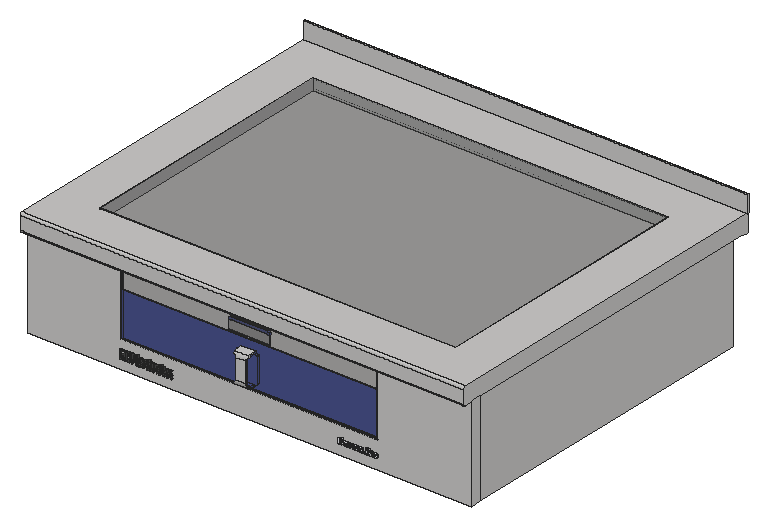
Revit family "QF_ELECTROLUXPROFESSIONAL_588097_MARBABJOBO", category Attrezzature speciali, Revit 2020
Family settings
  Quota connettore circolare = Usa diametro
  Tipo di parte = Normale
  Basato su piano di lavoro = No
  Sempre verticale = Sì
  Taglio con vuoti quando caricato = No
  Condiviso = No
  Punto di calcolo locali = No
Parameters (values of type "Standard")
  Weight = 38.00 kg
  Watts = 600 W
  Volts = 230 V
  URL Manufacturer = "https://www.electroluxprofessional.com/"
  URL = "https://www.electroluxprofessional.com/"
  Steam Supply Size = 0"
  Steam Supply Minimum Pressure = 0.00 psi
  Steam Supply Maximum Pressure = 0.00 psi
  Steam Consumption per Hour = 0
  Refrigeration Suction Line Size = 0 mm
  Refrigeration Liquid Line Size = 0 mm
  Refrigerant Compressor Remote = yes
  Prospetto di default = 0 mm
  Phase = 1
  Modello = "MARBABJOBO"
  Produttore = "Electrolux Professional"
  Length Actual = 1000 mm  # constant formula
  Item Number = "588097"
  Hot Water Size = 0"
  Height Actual = 250 mm  # constant formula
  HP = "0.8 HP"
  Gas Size = 0"
  Gas KW = 0
  Gas Input Pressure = 0.0 Btu/h
  Direct Waste Size = 0"
  Descrizione = "EL.WARMING PLATE,1S,BS,1000X800X250H"
  Depth Actual = 800 mm  # constant formula
  Cycle = 50 Hz
  Condensate Return Size = 0"
  Compressed Air Volume = 0 GPM
  Compressed Air Size = 0"
  Compressed Air Pressure = 0.00 psi
  Cold Water Size = 0"
  Accessory = yes
Reference planes
  plane 1 "BACK": y = 0
  plane 2: z = 0
  plane 3 "LEFT": x = 0
  plane 4 "RIGHT": x = 1000
  plane 5 "FRONT": y = -800
  plane 6 "TOP": z = 900
  plane 7 "Center (Left/Right)": x = 500
  plane 8: y = -400
  plane 9: y = -150
  plane 10: x = 100
  plane 11: x = 900
  plane 12: y = -100
  plane 13: y = -700
  plane 14 "EIx": x = 955
  plane 15 "EIy": y = -585
  plane 16: z = 938
  plane 17 "BaseTop": z = 650
  plane 18: y = -755
Forms (mm)
  Extrusion 1, solid, material "QF_Finishes_Stainless Steel"
    sketch origin (-178.969, -4572, 100) x (-1, 0, 0) y (0, -1, 0)
      loop
        line (-178.969, -4527) -> (-178.969, -3817) -> (-1178.969, -3817) -> (-1178.969, -4527) -> (-178.969, -4527)
    from 550 to 762.969
  Extrusion 2, solid, material "QF_Finishes_Stainless Steel"
    sketch origin (0, 0, 650) x (-1, 0, 0) y (0, -1, 0)
      loop
        circle (-955, 585) r 6.35
    from 0 to -11.851
  Extrusion 3, solid, material "QF_Finishes_Stainless Steel"
    sketch origin (500, 296.4, 1219.2) x (0, 1, 0) y (0, 0, 1)
      loop
        line (-296.4, -319.2) -> (-1091.4, -319.2)
        arc (-1091.4, -319.2) -> (-1094.935, -320.664) -> (-1096.4, -324.2) r 5
        line (-1096.4, -324.2) -> (-1096.4, -355.2)
        arc (-1096.4, -355.2) -> (-1094.971, -358.264) -> (-1091.705, -359.139) r 4
        line (-1091.705, -359.139) -> (-1076.4, -356.231) -> (-316.4, -356.231) -> (-301.094, -359.139)
        arc (-301.094, -359.139) -> (-297.829, -358.264) -> (-296.4, -355.2) r 4
        line (-296.4, -355.2) -> (-296.4, -319.2)
    from -500 to 500
  Extrusion 4, solid, material "QF_Finishes_Electrolux_Black Smoke Iluminated"
    sketch origin (0, 0, 900) x (-1, 0, 0) y (0, -1, 0)
      loop
        line (-100, 100) -> (-100, 700) -> (-900, 700) -> (-900, 100) -> (-100, 100)
    from 1 to -20
  Extrusion 5, void
    sketch origin (0, 0, 900) x (-1, 0, 0) y (0, -1, 0)
      loop
        line (-100, 700) -> (-900, 700) -> (-900, 100) -> (-100, 100) -> (-100, 700)
    from 0 to -25
  Extrusion 6, solid, material "QF_Finishes_Stainless Steel"
    sketch origin (500, 296.4, 1219.2) x (0, 1, 0) y (0, 0, 1)
      loop
        line (-296.4, -319.2) -> (-296.4, -281.2) -> (-298.4, -281.2) -> (-298.4, -319.2) -> (-296.4, -319.2)
    from 500 to -500
Cuts and joins
  Extrusion 5 cuts Extrusion 3
Lines and regions (mm)
  symbolic lines
    curve 1: line (0, 0, 100) -> (1000, 0, 100)
    curve 2: line (0, -800, 100) -> (0, 0, 100)
    curve 3: line (1000, -800, 100) -> (0, -800, 100)
    curve 4: line (1000, 0, 100) -> (1000, -800, 100)
    curve 5: line (100, -700, 0) -> (900, -700, 0)
    curve 6: line (900, -700, 0) -> (900, -100, 0)
    curve 7: line (900, -100, 0) -> (100, -100, 0)
    curve 8: line (100, -100, 0) -> (100, -700, 0)
    curve 9: line (0, -2, 0) -> (1000, -2, 0)
Dimensions and locks
  plane 3 "LEFT" to plane 4 "RIGHT" = 1000 mm
  locked: plane 5 "FRONT" to plane 1 "BACK" at 800
  equal spacing: plane 3 "LEFT", plane 7 "Center (Left/Right)", plane 4 "RIGHT"
  equal spacing: plane 5 "FRONT", plane 8, plane 1 "BACK"
  plane 6 "TOP" to level = 900 mm  (x2)
  plane 1 "BACK" to plane 9 = 150 mm
  plane 1 "BACK" to Extrusion 2 = 585 mm
  locked: plane 14 "EIx" to plane 4 "RIGHT" at 45
  locked: plane 15 "EIy" to plane 1 "BACK" at 585
  plane 16 to plane 6 "TOP" = 38 mm
  locked: plane 12 to plane 1 "BACK" at 100
  locked: plane 5 "FRONT" to plane 13 at 100
  plane 3 "LEFT" to plane 10 = 100 mm
  plane 11 to plane 4 "RIGHT" = 100 mm
  locked: plane 6 "TOP" to plane 17 "BaseTop" at 250
  locked: plane 18 to plane 5 "FRONT" at 45
  aligned and locked: level to plane 2
  aligned and locked: cut or joined group of Extrusion 3, Extrusion 5 to plane 3 "LEFT"
  aligned and locked: cut or joined group of Extrusion 3, Extrusion 5 to plane 4 "RIGHT"
  aligned and locked: Extrusion 5 sketch curve to plane 10
  aligned and locked: plane 12 to Extrusion 5 sketch curve
  aligned and locked: plane 11 to Extrusion 5 sketch curve
  aligned and locked: Extrusion 5 sketch curve to plane 13
  aligned and locked: plane 12 to Extrusion 4 sketch curve
  aligned and locked: Extrusion 4 sketch curve to plane 10
  aligned and locked: Extrusion 4 sketch curve to plane 13
  aligned and locked: plane 11 to Extrusion 4 sketch curve
  aligned and locked: nested 1 to plane 18
  aligned and locked: Extrusion 1 to plane 18
  aligned and locked: Extrusion 6 to plane 3 "LEFT"
  aligned and locked: Extrusion 6 to plane 4 "RIGHT"
Automatic sketch dimensions
  Extrusion 3 sketch curve to plane 5 "FRONT" = 0 mm
  Extrusion 3 sketch curve to plane 6 "TOP" = 0 mm
  Extrusion 3 sketch curve to plane 1 "BACK" = 0 mm
  Extrusion 3 sketch curve to plane 5 "FRONT" = 4 mm
  Extrusion 3 sketch curve to Extrusion 3 sketch curve = 0.695 mm
  Extrusion 3 sketch curve to plane 5 "FRONT" = 5 mm
  Extrusion 3 sketch curve to Extrusion 3 sketch curve = 15.305 mm
  plane 1 "BACK" to Extrusion 3 sketch curve = 20 mm
  plane 1 "BACK" to Extrusion 3 sketch curve = 4.695 mm
  Extrusion 3 sketch curve to Extrusion 3 sketch curve = 4 mm
  Extrusion 3 sketch curve to Extrusion 3 sketch curve = 31 mm
  Extrusion 3 sketch curve to plane 6 "TOP" = 36 mm
  Extrusion 3 sketch curve to Extrusion 3 sketch curve = 2.909 mm
  Extrusion 1 sketch curve to plane 4 "RIGHT" = 0 mm
  Extrusion 1 sketch curve to plane 3 "LEFT" = 0 mm
  plane 1 "BACK" to Extrusion 1 sketch curve = 45 mm
  plane 1 "BACK" to curve 1 = 0 mm
  curve 1 to plane 4 "RIGHT" = 0 mm
  curve 2 to plane 3 "LEFT" = 0 mm
  plane 5 "FRONT" to curve 3 = 0 mm
  curve 5 to plane 10 = 0 mm
  curve 5 to plane 11 = 0 mm
  plane 13 to curve 6 = 0 mm
  plane 12 to curve 6 = 0 mm
  Extrusion 2 sketch curve to plane 14 "EIx" = 0 mm
  Extrusion 2 sketch curve to plane 15 "EIy" = 0 mm
  Extrusion 1 sketch curve to plane 5 "FRONT" = 45 mm
  Extrusion 6 sketch curve to plane 6 "TOP" = 0 mm
  Extrusion 6 sketch curve to plane 16 = 0 mm
  Extrusion 6 sketch curve to plane 1 "BACK" = 0 mm
  Extrusion 6 sketch curve to Extrusion 6 sketch curve = 2 mm
  radius of Extrusion 2 sketch curve = 6.35 mm
Nested families
  nested 1: "Front_Panel_W1000_1 Knob" at (302.376, -755, 0), type "Front_Panel_W1000_1 Knob"
Connectors
  electrical at (955, -585, 638.149)
    settings: on Extrusion 2, index 1, voltage 400 V, apparent load 33000 VA, apparent load phase1 0 VA, apparent load phase2 0 VA, apparent load phase3 0 VA, power factor 1, load classification "Other", number of poles 1, system type 30, power factor state 1, is connector primary yes, connector utility no, sub classification motor no, connector description "ELECTRICAL CONNECTION"
Definition of nested family "Front_Panel_W1000_1 Knob"
  Parameters
    Width = 1000 mm
    Default Elevation = 0 mm
  Reference planes
    plane 1 "Center (Front/Back)": y = 0
    plane 2: z = 0
    plane 3 "Center (Left/Right)": x = 197.624
    plane 4 "Left": x = -302.376
    plane 5 "Right": x = 697.624
    plane 6: y = -45
    plane 7: y = -25
    plane 8: x = 487.624
    plane 9: x = -92.376
  Forms (mm)
    Extrusion 1, solid
      sketch origin (833.217, 829.203, -1.25) x (0, 1, 0) y (0, 0, 1)
        loop
          line (-854.203, 651.25) -> (-829.203, 651.25) -> (-829.203, 864.25) -> (-854.203, 864.25) -> (-854.203, 651.25)
      from -1135.593 to -135.593
    Extrusion 2, void
      sketch origin (0, 0, 0) x (1, 0, 0) y (0, 0, 1)
        loop
          line (-92.376, 853.866) -> (-92.376, 711.866) -> (487.624, 711.866) -> (487.624, 853.866) -> (-92.376, 853.866)
      from 19.387 to 33.951
  Cuts and joins
    Extrusion 2 cuts Extrusion 1
  Dimensions and locks
    equal spacing: plane 5 "Right", plane 3 "Center (Left/Right)", plane 4 "Left"
    "Width": plane 5 "Right" to plane 4 "Left"
    aligned and locked: cut or joined group of Extrusion 1, Extrusion 2 to plane 4 "Left"
    aligned and locked: plane 5 "Right" to cut or joined group of Extrusion 1, Extrusion 2
    aligned and locked: plane 3 "Center (Left/Right)" to nested 1
    aligned and locked: cut or joined group of Extrusion 1, Extrusion 2 to nested 1
    aligned and locked: plane 9 to Extrusion 2 sketch curve
    aligned and locked: Extrusion 2 sketch curve to plane 8
    aligned and locked: plane 9 to cut or joined group of Extrusion 1, Extrusion 2
    aligned and locked: plane 8 to cut or joined group of Extrusion 1, Extrusion 2
    aligned and locked: nested 4 to plane 9
  Automatic sketch dimensions
    Extrusion 1 sketch curve to plane 1 "Center (Front/Back)" = 0 mm
    level to Extrusion 1 sketch curve = 650 mm
    level to Extrusion 2 sketch curve = 711.866 mm
    Extrusion 2 sketch curve to Extrusion 2 sketch curve = 142 mm
    Extrusion 1 sketch curve to plane 6 = 20 mm
    Extrusion 1 sketch curve to Extrusion 1 sketch curve = 213 mm
  Nested families
    nested 1: "Front glass control panel W580_1 Knob" at (197.624, 280.644, 2.752), type "Front glass control panel W580_1 Knob"
    nested 2: "Range Control Handle" at (197.624, -28.137, -209.113) x (-1, 0, 0) z (0, 0, 1), type "Range Control Handle"
    nested 3: "ELX_ThermaLine_Small" at (439.031, -25, 679.426) x (1, 0, 0) z (0, -1, 0), type "ELX_ThermaLine_Small"
      with Show Logo yes, Material_Logo none
    nested 4: "ELX_Professional_Logo_Small" at (-32.89, -25, 681.659) x (1, 0, 0) z (0, -1, 0), type "ELX_Professional_Logo_Small"
      with Show Logo yes, Material_Logo none
  Definition of nested family "Front glass control panel W580_1 Knob"
    Parameters
      Default Elevation = 0 mm
    Reference planes
      plane 1 "Center (Front/Back)": y = 0
      plane 2: z = 0
      plane 3 "Center (Left/Right)": x = 0
    Forms (mm)
      Extrusion 1, solid
        sketch origin (378.286, 0, 0.617) x (1, 0, 0) y (0, 0, 1)
          loop
            line (-668.286, 806.791) -> (-668.286, 708.497) -> (-88.286, 708.497) -> (-88.286, 806.791) -> (-668.286, 806.791)
        from 300.031 to 304.8
      Extrusion 2, solid
        sketch origin (378.286, 0, 0.617) x (1, 0, 0) y (0, 0, 1)
          loop
            line (-668.286, 850.497) -> (-668.286, 806.791) -> (-88.286, 806.791) -> (-88.286, 850.497) -> (-668.286, 850.497)
        from 300.031 to 304.8
      Extrusion 3, void
        sketch origin (378.286, 0, 0.617) x (1, 0, 0) y (0, 0, 1)
          loop
            line (-665.628, 847.565) -> (-665.628, 710.699) -> (-91.196, 710.699) -> (-91.196, 847.565) -> (-665.628, 847.565)
        from 303.697 to 304.8
      Extrusion 4, solid
        sketch origin (308.309, 1.101, -0.633) x (1, 0, 0) y (0, 0, 1)
          loop
            line (-261.431, 812.62) -> (-261.431, 834.177) -> (-266.24, 834.177) -> (-268.039, 835.977) -> (-348.469, 835.977) -> (-350.269, 834.177) -> (-355.186, 834.177) -> (-355.186, 812.62) -> (-261.431, 812.62)
        from 304.798 to 306.745
      Extrusion 5, solid
        sketch origin (308.309, 1.101, -0.633) x (1, 0, 0) y (0, 0, 1)
          loop
            line (-350.269, 834.177) -> (-348.469, 835.977) -> (-268.039, 835.977) -> (-266.24, 834.177) -> (-261.529, 834.177)
            arc (-261.529, 834.177) -> (-262.706, 838.752) -> (-266.98, 840.763) r 5.549
            line (-266.98, 840.763) -> (-349.686, 840.763)
            arc (-349.686, 840.763) -> (-353.942, 838.747) -> (-355.078, 834.177) r 5.5
            line (-355.078, 834.177) -> (-350.269, 834.177)
        from 304.798 to 306.745
    Cuts and joins
      Extrusion 3 cuts Extrusion 1
      Extrusion 3 cuts Extrusion 2
    Dimensions and locks
      equal spacing: cut or joined group of Extrusion 2, Extrusion 3, plane 3 "Center (Left/Right)", cut or joined group of Extrusion 2, Extrusion 3
      cut or joined group of Extrusion 2, Extrusion 3 to cut or joined group of Extrusion 2, Extrusion 3 = 580 mm
      aligned and locked: Extrusion 1 to Extrusion 2
      aligned and locked: Extrusion 5 sketch curve to Extrusion 4  (x4)
      aligned and locked: Extrusion 4 to Extrusion 5 sketch curve
      aligned and locked: Extrusion 5 to Extrusion 4
    Automatic sketch dimensions
      Extrusion 1 sketch curve to plane 3 "Center (Left/Right)" = 290 mm
      plane 3 "Center (Left/Right)" to Extrusion 1 sketch curve = 290 mm
      level to Extrusion 1 sketch curve = 709.114 mm
      Extrusion 1 sketch curve to Extrusion 1 sketch curve = 98.294 mm
      Extrusion 2 sketch curve to plane 3 "Center (Left/Right)" = 290 mm
      plane 3 "Center (Left/Right)" to Extrusion 2 sketch curve = 290 mm
      level to Extrusion 2 sketch curve = 807.408 mm
      Extrusion 2 sketch curve to Extrusion 2 sketch curve = 43.706 mm
      Extrusion 3 sketch curve to plane 3 "Center (Left/Right)" = 287.342 mm
      plane 3 "Center (Left/Right)" to Extrusion 3 sketch curve = 287.091 mm
      level to Extrusion 3 sketch curve = 711.316 mm
      Extrusion 3 sketch curve to Extrusion 3 sketch curve = 136.866 mm
      Extrusion 4 sketch curve to plane 3 "Center (Left/Right)" = 46.877 mm
      Extrusion 4 sketch curve to Extrusion 4 sketch curve = 4.917 mm
      Extrusion 4 sketch curve to Extrusion 4 sketch curve = 1.8 mm  (x3)
      plane 3 "Center (Left/Right)" to Extrusion 4 sketch curve = 40.269 mm
      Extrusion 4 sketch curve to Extrusion 4 sketch curve = 4.809 mm
      level to Extrusion 4 sketch curve = 811.987 mm
      Extrusion 4 sketch curve to Extrusion 4 sketch curve = 21.557 mm  (x2)
      Extrusion 5 sketch curve to Extrusion 5 sketch curve = 4.809 mm
      Extrusion 5 sketch curve to Extrusion 5 sketch curve = 0.583 mm
      plane 3 "Center (Left/Right)" to Extrusion 5 sketch curve = 40.269 mm
      Extrusion 5 sketch curve to Extrusion 5 sketch curve = 1.059 mm
      Extrusion 5 sketch curve to Extrusion 5 sketch curve = 0.741 mm
      Extrusion 5 sketch curve to Extrusion 5 sketch curve = 4.711 mm
      Extrusion 5 sketch curve to Extrusion 5 sketch curve = 1.037 mm
  Definition of nested family "Range Control Handle"
    Parameters
      Default Elevation = 0 mm
    Reference planes
      plane 1 "Center (Front/Back)": y = 0
      plane 2: z = 0
      plane 3 "Center (Left/Right)": x = 0
      plane 4: z = 971.092
      plane 5: y = -16.9
    Forms (mm)
      Extrusion 1, solid
        sketch origin (-746.28, 380.497, 208.931) x (-1, 0, 0) y (0, 0, 1)
          loop
            line (-770.101, 786.798) -> (-770.101, 731.649)
            arc (-770.101, 731.649) -> (-769.759, 730.563) -> (-768.855, 729.87) r 1.893
            line (-768.855, 729.87) -> (-763.474, 727.911) -> (-729.81, 727.911) -> (-724.428, 729.87)
            arc (-724.428, 729.87) -> (-723.525, 730.563) -> (-723.183, 731.649) r 1.893
            line (-723.183, 731.649) -> (-723.183, 786.798)
            arc (-723.183, 786.798) -> (-723.529, 787.894) -> (-724.44, 788.593) r 1.91
            line (-724.44, 788.593) -> (-729.683, 790.819) -> (-763.601, 790.819) -> (-768.844, 788.593)
            arc (-768.844, 788.593) -> (-769.755, 787.894) -> (-770.101, 786.798) r 1.91
        from -382.35 to -378.852
      Sweep 2, solid
        path origin (-746.788, 380.496, 208.091) x (0, -1, 0) y (0, 0, 1)
          loop
            line (379.775, 793.281) -> (395.661, 791.048)
            arc (395.661, 791.048) -> (397.781, 787.377) -> (398.517, 783.202) r 12.207
            line (398.517, 783.202) -> (398.517, 737.368)
            arc (398.517, 737.368) -> (397.781, 733.193) -> (395.661, 729.522) r 12.207
            line (395.661, 729.522) -> (379.775, 727.289)
        profile origin (-746.788, -7.222, 1000.256) x (0, -0.139173, 0.990268) y (-1, 0, 0)
          loop
            line (0.782, -763.123) -> (0.782, -730.907) -> (-1.322, -730.907) -> (-1.322, -763.123) -> (0.782, -763.123)
      Sweep 3, solid
        path origin (-746.788, 380.715, 207.832) x (0, -1, 0) y (0, 0, 1)
          loop
            line (380.478, 795.442) -> (397.218, 793.09)
            arc (397.218, 793.09) -> (399.929, 788.473) -> (400.871, 783.202) r 15.207
            line (400.871, 783.202) -> (400.871, 737.584)
            arc (400.871, 737.584) -> (399.914, 732.274) -> (397.164, 727.633) r 15.207
            line (397.164, 727.633) -> (380.601, 725.305)
        profile origin (-746.788, -8.132, 1002.099) x (0, -0.139173, 0.990268) y (-1, 0, 0)
          loop
            line (0.782, -763.123) -> (0.782, -730.907) -> (-1.322, -730.907) -> (-1.322, -763.123) -> (0.782, -763.123)
      Extrusion 4, void
        sketch origin (889.253, 220.666, 207.993) x (1, 0, 0) y (0, 0, 1)
          loop
            line (-943.038, 816.854) -> (-943.038, 703.686) -> (-899.466, 734.196) -> (-899.466, 786.344) -> (-943.038, 816.854)
        from 230.636 to 242.25
      Extrusion 5, void
        sketch origin (-888.8, 220.666, 207.993) x (-1, 0, 0) y (0, 0, -1)
          loop
            line (-943.038, -816.854) -> (-899.466, -786.344) -> (-899.466, -734.196) -> (-943.038, -703.686) -> (-943.038, -816.854)
        from 230.636 to 242.25
      Extrusion 6, solid
        sketch origin (0, 0, 0) x (1, 0, 0) y (0, 0, 1)
          loop
            circle (0, 971.092) r 7.736
        from -3.137 to -1.645
    Cuts and joins
      Extrusion 4, Extrusion 5 cuts Sweep 3
      Extrusion 4, Extrusion 5 cuts Sweep 2
      joined: Extrusion 1, Extrusion 6
    Lines and regions (mm)
      symbolic lines
        curve 1: line (16.334, -16.9, 0) -> (16.334, -19.227, 0)
        curve 2: spline (16.334, -19.227, 0) -> (15.87, -19.385, 0) -> (15.404, -19.536, 0) -> (14.936, -19.678, 0) -> (14.466, -19.813, 0) -> (13.995, -19.94, 0) -> (13.523, -20.059, 0) -> (13.049, -20.171, 0) -> (12.575, -20.274, 0) -> (12.099, -20.37, 0) -> (11.622, -20.458, 0) -> (11.144, -20.537, 0) -> (10.666, -20.609, 0)
        curve 3: line (10.666, -16.9, 0) -> (10.666, -20.938, 0)
        curve 4: line (-10.213, -20.938, 0) -> (10.666, -20.938, 0)
        curve 5: line (-10.213, -20.938, 0) -> (-10.213, -16.9, 0)
        curve 6: spline (-10.213, -20.609, 0) -> (-10.691, -20.537, 0) -> (-11.169, -20.458, 0) -> (-11.646, -20.37, 0) -> (-12.122, -20.274, 0) -> (-12.597, -20.171, 0) -> (-13.07, -20.059, 0) -> (-13.542, -19.94, 0) -> (-14.013, -19.813, 0) -> (-14.483, -19.678, 0) -> (-14.951, -19.536, 0) -> (-15.417, -19.385, 0) -> (-15.881, -19.227, 0)
        curve 7: line (-15.881, -19.227, 0) -> (-15.881, -16.9, 0)
  Definition of nested family "ELX_ThermaLine_Small"
    Parameters
      Show Logo [instance] = yes
      Material_Logo [instance] = none
      Default Elevation = 0 mm
    Reference planes
      plane 1 "Centro (Fronte/Retro)": y = 0
      plane 2: z = 0
      plane 3 "Centro (Sinistra/Destra)": x = 0
    Forms (mm)
      Extrusion 1, solid
        sketch origin (0, 0, 0) x (1, 0, 0) y (0, 1, 0)
          loop
            line (-1219.2, 1219.2) -> (-1219.2, -1219.2) -> (1219.2, -1219.2) -> (1219.2, 1219.2) -> (-1219.2, 1219.2)
        from 0 to -304.8
      Extrusion 2, solid
        sketch origin (0, 0, 0) x (1, 0, 0) y (0, 1, 0)
          loop
            line (-37.494, 1.229) -> (-35.908, 1.229) -> (-35.908, 3.066) -> (-37.494, 3.066) -> (-37.494, 6.221) -> (-39.867, 4.881) -> (-39.867, 3.066) -> (-40.969, 3.066) -> (-40.969, 1.229) -> (-39.867, 1.229) -> (-39.867, -3.407)
            arc (-39.867, -3.407) -> (-38.982, -5.513) -> (-36.751, -6.001) r 2.478
            line (-36.751, -6.001) -> (-35.638, -5.7) -> (-35.9, -3.835) -> (-36.661, -4.039)
            arc (-36.661, -4.039) -> (-37.236, -3.924) -> (-37.494, -3.399) r 0.662
            line (-37.494, -3.399) -> (-37.494, 1.229)
          loop
            line (-34.242, 6.539) -> (-34.242, -5.848) -> (-31.854, -5.848) -> (-31.854, -0.078)
            arc (-31.854, -0.078) -> (-30.939, 1.249) -> (-29.33, 1.367) r 1.866
            arc (-29.33, 1.367) -> (-28.695, 0.768) -> (-28.461, -0.073) r 1.627
            line (-28.461, -0.073) -> (-28.461, -5.848) -> (-26.086, -5.848) -> (-26.064, -0.46)
            arc (-26.064, -0.46) -> (-26.261, 0.932) -> (-26.786, 2.237) r 5.825
            arc (-26.786, 2.237) -> (-29.381, 3.264) -> (-31.854, 1.971) r 3.353
            line (-31.854, 1.971) -> (-31.854, 6.539) -> (-34.242, 6.539)
          loop
            arc (-18.398, -0.598) -> (-18.893, 0.879) -> (-20.326, 1.487) r 1.897
            arc (-20.326, 1.487) -> (-21.461, 0.708) -> (-21.897, -0.598) r 2.164
            line (-21.897, -0.598) -> (-18.398, -0.598)
          loop
            arc (-16.021, -2.044) -> (-16.754, 1.227) -> (-19.444, 3.226) r 4.814
            arc (-19.444, 3.226) -> (-22.137, 2.788) -> (-23.943, 0.743) r 4.054
            arc (-23.943, 0.743) -> (-24.382, -1.249) -> (-24.162, -3.276) r 6.289
            arc (-24.162, -3.276) -> (-23.302, -4.71) -> (-21.958, -5.705) r 4.28
            arc (-21.958, -5.705) -> (-18.558, -5.814) -> (-16.152, -3.409) r 4.28
            line (-16.152, -3.409) -> (-18.5, -2.995)
            arc (-18.5, -2.995) -> (-19.273, -3.994) -> (-20.533, -4.076) r 1.536
            arc (-20.533, -4.076) -> (-21.56, -3.281) -> (-21.958, -2.044) r 2.197
            line (-21.958, -2.044) -> (-16.021, -2.044)
          loop
            line (-14.165, -5.848) -> (-11.819, -5.848) -> (-11.819, -2.138)
            arc (-11.819, -2.138) -> (-11.787, -1.156) -> (-11.637, -0.185) r 8.18
            arc (-11.637, -0.185) -> (-10.644, 0.972) -> (-9.132, 0.776) r 1.603
            line (-9.132, 0.776) -> (-8.419, 2.846)
            arc (-8.419, 2.846) -> (-10.432, 3.118) -> (-11.994, 1.821) r 2.527
            line (-11.994, 1.821) -> (-11.994, 3.094) -> (-14.165, 3.094) -> (-14.165, -5.848)
          loop
            line (-7.579, 3.094) -> (-7.579, -5.848) -> (-5.178, -5.848) -> (-5.178, -0.756)
            arc (-5.178, -0.756) -> (-4.727, 0.679) -> (-3.417, 1.419) r 2.05
            arc (-3.417, 1.419) -> (-2.499, 0.908) -> (-2.155, -0.085) r 1.471
            line (-2.155, -0.085) -> (-2.155, -5.848) -> (0.23, -5.848) -> (0.23, -1.001)
            arc (0.23, -1.001) -> (0.47, 0.127) -> (1.148, 1.061) r 2.775
            arc (1.148, 1.061) -> (2.225, 1.329) -> (3.05, 0.587) r 1.182
            arc (3.05, 0.587) -> (3.199, -0.019) -> (3.214, -0.642) r 2.894
            line (3.214, -0.642) -> (3.214, -5.848) -> (5.601, -5.848) -> (5.601, 0.261)
            arc (5.601, 0.261) -> (4.87, 2.263) -> (2.976, 3.241) r 2.932
            arc (2.976, 3.241) -> (1.284, 2.973) -> (-0.047, 1.896) r 3.309
            arc (-0.047, 1.896) -> (-1.116, 2.865) -> (-2.506, 3.258) r 3.16
            arc (-2.506, 3.258) -> (-4.105, 2.942) -> (-5.376, 1.92) r 3.419
            line (-5.376, 1.92) -> (-5.376, 3.094) -> (-7.579, 3.094)
          loop
            line (7.583, 0.738) -> (9.702, 0.364)
            arc (9.702, 0.364) -> (11.441, 1.492) -> (12.855, -0.023) r 1.613
            line (12.855, -0.023) -> (9.782, -0.789)
            arc (9.782, -0.789) -> (8.559, -1.346) -> (7.617, -2.305) r 3.687
            arc (7.617, -2.305) -> (7.499, -3.681) -> (7.901, -5.003) r 3.651
            arc (7.901, -5.003) -> (9.107, -5.766) -> (10.515, -6.006) r 3.635
            arc (10.515, -6.006) -> (11.898, -5.697) -> (13.067, -4.895) r 3.734
            line (13.067, -4.895) -> (13.376, -5.848) -> (15.75, -5.848) -> (15.212, -4.193) -> (15.212, 0.38)
            arc (15.212, 0.38) -> (14.897, 1.849) -> (13.818, 2.895) r 2.585
            arc (13.818, 2.895) -> (11.792, 3.442) -> (9.719, 3.11) r 5.005
            arc (9.719, 3.11) -> (8.369, 2.178) -> (7.583, 0.738) r 3.54
          loop
            line (19.723, -5.848) -> (22.233, -5.848) -> (24.854, 6.484) -> (22.345, 6.484) -> (19.723, -5.848)
          loop
            line (24.583, -5.848) -> (26.953, -5.848) -> (28.848, 3.066) -> (26.478, 3.066) -> (24.583, -5.848)
          loop
            line (27.204, 6.484) -> (26.741, 4.305) -> (29.111, 4.305) -> (29.575, 6.484) -> (27.204, 6.484)
          loop
            line (29.355, -5.848) -> (31.849, -5.848) -> (33.098, 0.028)
            arc (33.098, 0.028) -> (34.169, 1.306) -> (35.832, 1.422) r 2.132
            arc (35.832, 1.422) -> (36.324, 0.752) -> (36.383, -0.078) r 1.5
            line (36.383, -0.078) -> (35.157, -5.848) -> (37.536, -5.848) -> (38.936, 0.738)
            arc (38.936, 0.738) -> (38.775, 2.091) -> (37.825, 3.066) r 2.118
            arc (37.825, 3.066) -> (35.392, 3.175) -> (33.295, 1.937) r 4.271
            line (33.295, 1.937) -> (33.535, 3.066) -> (31.25, 3.066) -> (29.355, -5.848)
          loop
            line (42.792, -0.64) -> (46.589, -0.64)
            arc (46.589, -0.64) -> (46.639, 0.124) -> (46.327, 0.823) r 1.589
            arc (46.327, 0.823) -> (45.117, 1.521) -> (43.762, 1.183) r 1.865
            arc (43.762, 1.183) -> (43.141, 0.344) -> (42.792, -0.64) r 3.538
          loop
            line (42.565, -2.138) -> (48.593, -2.138)
            arc (48.593, -2.138) -> (48.58, 0.597) -> (46.983, 2.818) r 4.494
            arc (46.983, 2.818) -> (44.191, 3.28) -> (41.725, 1.891) r 4.26
            arc (41.725, 1.891) -> (40.503, -0.3) -> (40.284, -2.799) r 6.003
            arc (40.284, -2.799) -> (40.959, -4.468) -> (42.377, -5.576) r 3.482
            arc (42.377, -5.576) -> (44.265, -5.961) -> (46.152, -5.576) r 4.823
            arc (46.152, -5.576) -> (47.432, -4.731) -> (48.328, -3.485) r 4.245
            line (48.328, -3.485) -> (46.168, -3.105)
            arc (46.168, -3.105) -> (45.214, -4.072) -> (43.859, -4.181) r 1.953
            arc (43.859, -4.181) -> (42.821, -3.408) -> (42.565, -2.138) r 1.81
          loop
            line (12.868, -1.553) -> (10.216, -2.214)
            arc (10.216, -2.214) -> (9.747, -3.136) -> (10.216, -4.058) r 1.14
            arc (10.216, -4.058) -> (11.537, -4.249) -> (12.614, -3.46) r 1.763
            arc (12.614, -3.46) -> (12.858, -2.522) -> (12.868, -1.553) r 3.97
        from 0 to 1.6
    Dimensions and locks
      aligned and locked: plane 2 to Extrusion 1
      aligned and locked: level to Extrusion 1
  Definition of nested family "ELX_Professional_Logo_Small"
    Parameters
      Show Logo [instance] = yes
      Material_Logo [instance] = none
      Default Elevation = 0 mm
    Reference planes
      plane 1 "Centro (Fronte/Retro)": y = 0
      plane 2: z = 0
      plane 3 "Centro (Sinistra/Destra)": x = 0
    Forms (mm)
      Extrusion 1, solid
        sketch origin (0, 0, 0) x (1, 0, 0) y (0, 1, 0)
          loop
            line (-1219.2, 1219.2) -> (-1219.2, -1219.2) -> (1219.2, -1219.2) -> (1219.2, 1219.2) -> (-1219.2, 1219.2)
        from 0 to -304.8
      Extrusion 2, solid, material <- "Material_Logo"
        sketch origin (15.5, 0, 0) x (1, 0, 0) y (0, 1, 0)
          loop
            spline (-42.99, -1.24) -> (-43.195, -1.231) -> (-43.415, -1.203) -> (-43.642, -1.152) -> (-43.87, -1.074) -> (-44.095, -0.966) -> (-44.309, -0.825) -> (-44.506, -0.647) -> (-44.681, -0.429) -> (-44.828, -0.167) -> (-44.94, 0.142) -> (-45.011, 0.501) -> (-45.037, 0.915)
            line (-45.037, 0.915) -> (-45.037, 2.748) -> (-38.984, 2.748) -> (-38.984, 5.086) -> (-45.038, 5.086) -> (-45.038, 8.489) -> (-38.599, 8.489) -> (-38.599, 10.82) -> (-47.515, 10.82) -> (-47.515, 1.021)
            spline (-47.515, 1.021) -> (-47.493, 0.418) -> (-47.425, -0.15) -> (-47.311, -0.682) -> (-47.15, -1.175) -> (-46.939, -1.628) -> (-46.678, -2.038) -> (-46.365, -2.404) -> (-46, -2.723) -> (-45.58, -2.995) -> (-45.105, -3.216) -> (-44.573, -3.385) -> (-43.983, -3.499)
            line (-43.983, -3.499) -> (-43.01, -3.569) -> (-38.426, -3.569) -> (-38.426, -1.24) -> (-42.99, -1.24)
          loop
            line (-36.666, 4.021) -> (-36.666, -3.573) -> (-34.188, -3.573) -> (-34.188, 10.824) -> (-36.666, 10.824) -> (-36.666, 4.021)
          loop
            spline (-21.915, 1.897) -> (-21.957, 2.615) -> (-22.082, 3.303) -> (-22.285, 3.955) -> (-22.563, 4.564) -> (-22.913, 5.124) -> (-23.331, 5.629) -> (-23.814, 6.074) -> (-24.359, 6.451) -> (-24.961, 6.755) -> (-25.618, 6.98) -> (-26.326, 7.119) -> (-27.081, 7.167)
            spline (-27.081, 7.167) -> (-27.853, 7.122) -> (-28.586, 6.99) -> (-29.275, 6.774) -> (-29.915, 6.478) -> (-30.5, 6.104) -> (-31.024, 5.657) -> (-31.483, 5.138) -> (-31.871, 4.553) -> (-32.182, 3.904) -> (-32.411, 3.194) -> (-32.552, 2.427) -> (-32.6, 1.606)
            spline (-32.6, 1.606) -> (-32.553, 0.805) -> (-32.416, 0.057) -> (-32.193, -0.637) -> (-31.887, -1.271) -> (-31.504, -1.843) -> (-31.048, -2.35) -> (-30.523, -2.788) -> (-29.934, -3.154) -> (-29.284, -3.444) -> (-28.579, -3.656) -> (-27.822, -3.785) -> (-27.019, -3.829)
            spline (-27.019, -3.829) -> (-26.627, -3.82) -> (-26.239, -3.79) -> (-25.856, -3.739) -> (-25.477, -3.663) -> (-25.103, -3.562) -> (-24.734, -3.432) -> (-24.369, -3.273) -> (-24.01, -3.082) -> (-23.655, -2.858) -> (-23.305, -2.597) -> (-22.96, -2.299) -> (-22.621, -1.962)
            line (-22.621, -1.962) -> (-24.114, -0.509)
            spline (-24.114, -0.509) -> (-24.311, -0.699) -> (-24.509, -0.872) -> (-24.71, -1.03) -> (-24.915, -1.172) -> (-25.126, -1.297) -> (-25.346, -1.407) -> (-25.576, -1.5) -> (-25.817, -1.576) -> (-26.072, -1.636) -> (-26.342, -1.678) -> (-26.629, -1.704) -> (-26.936, -1.713)
            spline (-26.936, -1.713) -> (-27.384, -1.691) -> (-27.805, -1.625) -> (-28.196, -1.518) -> (-28.556, -1.372) -> (-28.882, -1.187) -> (-29.174, -0.966) -> (-29.429, -0.71) -> (-29.645, -0.422) -> (-29.821, -0.102) -> (-29.955, 0.247) -> (-30.045, 0.623) -> (-30.089, 1.026)
            line (-30.089, 1.026) -> (-21.956, 1.026) -> (-21.915, 1.897)
          loop
            spline (-24.446, 2.769) -> (-24.47, 3.075) -> (-24.54, 3.37) -> (-24.654, 3.65) -> (-24.807, 3.913) -> (-24.996, 4.156) -> (-25.219, 4.376) -> (-25.472, 4.57) -> (-25.753, 4.736) -> (-26.057, 4.869) -> (-26.382, 4.968) -> (-26.724, 5.03) -> (-27.081, 5.051)
            spline (-27.081, 5.051) -> (-27.464, 5.03) -> (-27.832, 4.97) -> (-28.183, 4.872) -> (-28.513, 4.74) -> (-28.819, 4.577) -> (-29.099, 4.384) -> (-29.347, 4.165) -> (-29.563, 3.923) -> (-29.742, 3.659) -> (-29.881, 3.377) -> (-29.977, 3.079) -> (-30.027, 2.769)
            line (-30.027, 2.769) -> (-24.446, 2.769)
          loop
            spline (-18.167, 1.669) -> (-18.138, 2.13) -> (-18.055, 2.567) -> (-17.921, 2.978) -> (-17.739, 3.358) -> (-17.512, 3.705) -> (-17.243, 4.016) -> (-16.937, 4.287) -> (-16.596, 4.517) -> (-16.223, 4.7) -> (-15.823, 4.835) -> (-15.398, 4.919) -> (-14.951, 4.947)
            spline (-14.951, 4.947) -> (-14.677, 4.938) -> (-14.414, 4.913) -> (-14.162, 4.871) -> (-13.921, 4.812) -> (-13.69, 4.738) -> (-13.467, 4.649) -> (-13.254, 4.544) -> (-13.048, 4.424) -> (-12.85, 4.291) -> (-12.659, 4.143) -> (-12.474, 3.981) -> (-12.295, 3.806)
            line (-12.295, 3.806) -> (-10.76, 5.403)
            spline (-10.76, 5.403) -> (-11.065, 5.709) -> (-11.38, 5.984) -> (-11.703, 6.228) -> (-12.035, 6.443) -> (-12.375, 6.63) -> (-12.723, 6.788) -> (-13.078, 6.92) -> (-13.44, 7.026) -> (-13.809, 7.107) -> (-14.184, 7.164) -> (-14.564, 7.198) -> (-14.951, 7.209)
            spline (-14.951, 7.209) -> (-15.725, 7.161) -> (-16.467, 7.02) -> (-17.169, 6.792) -> (-17.826, 6.482) -> (-18.43, 6.096) -> (-18.976, 5.637) -> (-19.455, 5.112) -> (-19.862, 4.525) -> (-20.19, 3.882) -> (-20.433, 3.189) -> (-20.584, 2.449) -> (-20.635, 1.669)
            spline (-20.635, 1.669) -> (-20.584, 0.889) -> (-20.433, 0.149) -> (-20.19, -0.545) -> (-19.862, -1.187) -> (-19.455, -1.774) -> (-18.976, -2.299) -> (-18.43, -2.758) -> (-17.826, -3.145) -> (-17.169, -3.454) -> (-16.467, -3.682) -> (-15.725, -3.823) -> (-14.951, -3.871)
            spline (-14.951, -3.871) -> (-14.564, -3.86) -> (-14.184, -3.826) -> (-13.809, -3.77) -> (-13.44, -3.689) -> (-13.078, -3.583) -> (-12.723, -3.451) -> (-12.375, -3.292) -> (-12.035, -3.105) -> (-11.703, -2.89) -> (-11.38, -2.646) -> (-11.065, -2.371) -> (-10.76, -2.066)
            line (-10.76, -2.066) -> (-12.295, -0.468)
            spline (-12.295, -0.468) -> (-12.474, -0.643) -> (-12.659, -0.805) -> (-12.85, -0.953) -> (-13.048, -1.087) -> (-13.254, -1.206) -> (-13.467, -1.311) -> (-13.69, -1.4) -> (-13.921, -1.475) -> (-14.162, -1.533) -> (-14.414, -1.575) -> (-14.677, -1.6) -> (-14.951, -1.609)
            spline (-14.951, -1.609) -> (-15.398, -1.581) -> (-15.823, -1.497) -> (-16.223, -1.362) -> (-16.596, -1.179) -> (-16.937, -0.95) -> (-17.243, -0.678) -> (-17.512, -0.367) -> (-17.739, -0.02) -> (-17.921, 0.36) -> (-18.055, 0.771) -> (-18.138, 1.208) -> (-18.167, 1.669)
          loop
            spline (-4.441, -1.243) -> (-4.659, -1.247) -> (-4.894, -1.23) -> (-5.137, -1.19) -> (-5.384, -1.121) -> (-5.628, -1.021) -> (-5.864, -0.884) -> (-6.084, -0.708) -> (-6.283, -0.488) -> (-6.454, -0.219) -> (-6.592, 0.101) -> (-6.69, 0.478) -> (-6.742, 0.914)
            line (-6.742, 0.914) -> (-6.742, 4.587) -> (-4.487, 4.587) -> (-4.487, 6.838) -> (-6.738, 6.838) -> (-6.738, 10.824) -> (-9.217, 10.824) -> (-9.217, 0.773)
            spline (-9.217, 0.773) -> (-9.164, 0.19) -> (-9.068, -0.358) -> (-8.928, -0.87) -> (-8.742, -1.343) -> (-8.511, -1.777) -> (-8.232, -2.168) -> (-7.904, -2.515) -> (-7.527, -2.816) -> (-7.098, -3.069) -> (-6.618, -3.273) -> (-6.084, -3.426) -> (-5.496, -3.525)
            line (-5.496, -3.525) -> (-4.45, -3.573) -> (-4.441, -1.243)
          loop
            spline (3.898, 6.983) -> (3.469, 7.009) -> (3.056, 7.001) -> (2.661, 6.961) -> (2.283, 6.888) -> (1.925, 6.785) -> (1.588, 6.652) -> (1.272, 6.49) -> (0.979, 6.301) -> (0.71, 6.085) -> (0.465, 5.844) -> (0.247, 5.578) -> (0.056, 5.289)
            line (0.056, 5.289) -> (0.056, 6.838) -> (-2.402, 6.838) -> (-2.402, -3.572) -> (0.056, -3.572) -> (0.056, 1.901)
            spline (0.056, 1.901) -> (0.079, 2.316) -> (0.145, 2.703) -> (0.254, 3.06) -> (0.404, 3.386) -> (0.592, 3.679) -> (0.818, 3.938) -> (1.08, 4.162) -> (1.375, 4.348) -> (1.703, 4.495) -> (2.062, 4.602) -> (2.45, 4.668) -> (2.865, 4.69)
            line (2.865, 4.69) -> (3.898, 4.586) -> (3.898, 6.983)
          loop
            spline (15.638, 1.633) -> (15.586, 2.396) -> (15.435, 3.124) -> (15.192, 3.81) -> (14.863, 4.449) -> (14.455, 5.034) -> (13.975, 5.56) -> (13.43, 6.021) -> (12.826, 6.411) -> (12.17, 6.724) -> (11.469, 6.955) -> (10.729, 7.098) -> (9.958, 7.147)
            spline (9.958, 7.147) -> (9.182, 7.098) -> (8.44, 6.955) -> (7.737, 6.724) -> (7.081, 6.411) -> (6.477, 6.021) -> (5.933, 5.56) -> (5.454, 5.034) -> (5.048, 4.449) -> (4.721, 3.81) -> (4.479, 3.124) -> (4.329, 2.396) -> (4.277, 1.633)
            spline (4.277, 1.633) -> (4.329, 0.869) -> (4.479, 0.141) -> (4.721, -0.544) -> (5.048, -1.183) -> (5.454, -1.768) -> (5.933, -2.294) -> (6.477, -2.755) -> (7.081, -3.145) -> (7.737, -3.459) -> (8.44, -3.69) -> (9.182, -3.833) -> (9.958, -3.882)
            spline (9.958, -3.882) -> (10.729, -3.833) -> (11.469, -3.69) -> (12.17, -3.459) -> (12.826, -3.145) -> (13.43, -2.755) -> (13.975, -2.294) -> (14.455, -1.768) -> (14.863, -1.183) -> (15.192, -0.544) -> (15.435, 0.141) -> (15.586, 0.869) -> (15.638, 1.633)
          loop
            spline (13.18, 1.633) -> (13.151, 2.083) -> (13.067, 2.513) -> (12.932, 2.918) -> (12.748, 3.296) -> (12.52, 3.642) -> (12.251, 3.954) -> (11.943, 4.227) -> (11.601, 4.459) -> (11.228, 4.645) -> (10.828, 4.782) -> (10.403, 4.867) -> (9.958, 4.896)
            spline (9.958, 4.896) -> (9.509, 4.867) -> (9.081, 4.782) -> (8.679, 4.645) -> (8.306, 4.459) -> (7.964, 4.227) -> (7.658, 3.954) -> (7.39, 3.642) -> (7.163, 3.296) -> (6.981, 2.918) -> (6.847, 2.513) -> (6.765, 2.083) -> (6.736, 1.633)
            spline (6.736, 1.633) -> (6.765, 1.182) -> (6.847, 0.753) -> (6.981, 0.347) -> (7.163, -0.031) -> (7.39, -0.377) -> (7.658, -0.689) -> (7.964, -0.962) -> (8.306, -1.193) -> (8.679, -1.38) -> (9.081, -1.517) -> (9.509, -1.602) -> (9.958, -1.631)
            spline (9.958, -1.631) -> (10.403, -1.602) -> (10.828, -1.517) -> (11.228, -1.38) -> (11.601, -1.193) -> (11.943, -0.962) -> (12.251, -0.689) -> (12.52, -0.377) -> (12.748, -0.031) -> (12.932, 0.347) -> (13.067, 0.753) -> (13.151, 1.182) -> (13.18, 1.633)
          loop
            line (17.162, 4.269) -> (17.162, -3.573) -> (19.642, -3.573) -> (19.642, 10.824) -> (17.162, 10.824) -> (17.162, 4.269)
          loop
            line (28.581, 6.838) -> (28.581, 0.786)
            spline (28.581, 0.786) -> (28.561, 0.393) -> (28.503, 0.038) -> (28.409, -0.279) -> (28.281, -0.559) -> (28.122, -0.802) -> (27.933, -1.011) -> (27.717, -1.185) -> (27.476, -1.325) -> (27.213, -1.433) -> (26.929, -1.509) -> (26.626, -1.554) -> (26.308, -1.569)
            spline (26.308, -1.569) -> (25.99, -1.554) -> (25.688, -1.509) -> (25.404, -1.434) -> (25.141, -1.326) -> (24.9, -1.187) -> (24.684, -1.014) -> (24.496, -0.807) -> (24.336, -0.565) -> (24.209, -0.288) -> (24.115, 0.026) -> (24.057, 0.376) -> (24.037, 0.765)
            line (24.037, 0.765) -> (24.037, 6.838) -> (21.537, 6.838) -> (21.537, 0.558)
            spline (21.537, 0.558) -> (21.581, -0.153) -> (21.71, -0.8) -> (21.916, -1.384) -> (22.195, -1.904) -> (22.54, -2.362) -> (22.944, -2.757) -> (23.403, -3.09) -> (23.909, -3.362) -> (24.456, -3.572) -> (25.04, -3.722) -> (25.652, -3.811) -> (26.288, -3.841)
            spline (26.288, -3.841) -> (26.929, -3.811) -> (27.547, -3.72) -> (28.135, -3.568) -> (28.687, -3.355) -> (29.197, -3.079) -> (29.66, -2.741) -> (30.068, -2.341) -> (30.415, -1.877) -> (30.696, -1.349) -> (30.905, -0.757) -> (31.034, -0.101) -> (31.079, 0.621)
            line (31.079, 0.621) -> (31.079, 6.838) -> (28.581, 6.838)
          loop
            line (40.457, -0.243) -> (38.894, 1.942) -> (40.83, 4.579) -> (42.488, 6.837) -> (39.782, 6.837) -> (37.53, 3.719) -> (35.258, 6.837) -> (32.573, 6.837) -> (34.113, 4.731) -> (36.167, 1.922) -> (34.014, -1.076) -> (32.222, -3.573) -> (34.887, -3.573) -> (37.53, 0.104) -> (40.174, -3.573) -> (42.839, -3.573) -> (40.457, -0.243)
          loop
            line (-46.121, -5.837) -> (-48.039, -5.837) -> (-48.039, -10.814) -> (-47.016, -10.814) -> (-47.016, -9.128) -> (-46.121, -9.128)
            arc (-46.121, -9.128) -> (-44.476, -7.482) -> (-46.121, -5.837) r 1.645
          loop
            line (-46.163, -6.778) -> (-47.016, -6.778) -> (-47.016, -8.187) -> (-46.163, -8.187)
            arc (-46.163, -8.187) -> (-45.458, -7.482) -> (-46.163, -6.778) r 0.704
          loop
            line (-38.313, -5.837) -> (-40.265, -5.837) -> (-40.265, -10.814) -> (-39.241, -10.814) -> (-39.241, -9.1) -> (-38.46, -9.182) -> (-37.48, -10.814) -> (-36.318, -10.814) -> (-37.513, -8.848)
            arc (-37.513, -8.848) -> (-36.888, -8.266) -> (-36.671, -7.441) r 1.536
            arc (-36.671, -7.441) -> (-37.165, -6.305) -> (-38.313, -5.837) r 1.643
          loop
            arc (-38.402, -8.166) -> (-37.707, -7.505) -> (-38.334, -6.778) r 0.696
            line (-38.334, -6.778) -> (-39.241, -6.778) -> (-39.241, -8.166) -> (-38.402, -8.166)
          loop
            circle (-29.965, -8.325) r 2.585
          loop
            circle (-29.965, -8.325) r 1.64
          loop
            line (-23.1, -5.837) -> (-23.1, -10.814) -> (-22.076, -10.814) -> (-22.076, -8.768) -> (-20.204, -8.768) -> (-20.204, -7.828) -> (-22.076, -7.828) -> (-22.076, -6.778) -> (-20.024, -6.778) -> (-20.024, -5.837) -> (-23.1, -5.837)
          loop
            line (-15.802, -5.837) -> (-15.802, -9.2)
            arc (-15.802, -9.2) -> (-15.343, -10.34) -> (-14.209, -10.814) r 1.593
            line (-14.209, -10.814) -> (-12.602, -10.814) -> (-12.602, -10.027) -> (-14.004, -10.027)
            arc (-14.004, -10.027) -> (-14.552, -9.8) -> (-14.779, -9.252) r 0.775
            line (-14.779, -9.252) -> (-14.779, -8.424) -> (-12.789, -8.424) -> (-12.789, -7.642) -> (-14.779, -7.642) -> (-14.779, -6.778) -> (-12.651, -6.778) -> (-12.651, -5.837) -> (-15.802, -5.837)
          loop
            line (-5.909, -7.143) -> (-5.173, -6.638)
            arc (-5.173, -6.638) -> (-5.855, -5.974) -> (-6.781, -5.755) r 1.782
            arc (-6.781, -5.755) -> (-7.397, -5.878) -> (-7.944, -6.189) r 1.974
            arc (-7.944, -6.189) -> (-8.202, -6.5) -> (-8.317, -6.888) r 1.013
            arc (-8.317, -6.888) -> (-8.306, -7.341) -> (-8.192, -7.78) r 1.985
            arc (-8.192, -7.78) -> (-7.749, -8.259) -> (-7.171, -8.563) r 1.928
            arc (-7.171, -8.563) -> (-6.637, -8.779) -> (-6.131, -9.056) r 5.041
            arc (-6.131, -9.056) -> (-5.934, -9.387) -> (-6.09, -9.74) r 0.42
            arc (-6.09, -9.74) -> (-6.631, -9.96) -> (-7.204, -9.845) r 1.016
            arc (-7.204, -9.845) -> (-7.625, -9.603) -> (-7.889, -9.196) r 1.033
            line (-7.889, -9.196) -> (-8.67, -9.686)
            arc (-8.67, -9.686) -> (-8.361, -10.198) -> (-7.908, -10.589) r 1.914
            arc (-7.908, -10.589) -> (-7.334, -10.834) -> (-6.714, -10.896) r 2.063
            arc (-6.714, -10.896) -> (-5.947, -10.743) -> (-5.256, -10.376) r 2.696
            arc (-5.256, -10.376) -> (-4.95, -9.565) -> (-5.108, -8.712) r 1.618
            arc (-5.108, -8.712) -> (-5.448, -8.319) -> (-5.884, -8.035) r 1.876
            arc (-5.884, -8.035) -> (-6.434, -7.789) -> (-6.999, -7.577) r 9.883
            arc (-6.999, -7.577) -> (-7.325, -7.07) -> (-6.854, -6.694) r 0.45
            arc (-6.854, -6.694) -> (-6.329, -6.809) -> (-5.909, -7.143) r 1.197
          loop
            line (1.61, -7.143) -> (2.345, -6.638)
            arc (2.345, -6.638) -> (1.663, -5.974) -> (0.737, -5.755) r 1.782
            arc (0.737, -5.755) -> (0.121, -5.878) -> (-0.425, -6.189) r 1.974
            arc (-0.425, -6.189) -> (-0.683, -6.5) -> (-0.799, -6.888) r 1.013
            arc (-0.799, -6.888) -> (-0.788, -7.341) -> (-0.674, -7.78) r 1.985
            arc (-0.674, -7.78) -> (-0.231, -8.259) -> (0.347, -8.563) r 1.928
            arc (0.347, -8.563) -> (0.881, -8.779) -> (1.387, -9.056) r 5.041
            arc (1.387, -9.056) -> (1.584, -9.387) -> (1.428, -9.74) r 0.42
            arc (1.428, -9.74) -> (0.887, -9.96) -> (0.314, -9.845) r 1.016
            arc (0.314, -9.845) -> (-0.107, -9.603) -> (-0.371, -9.196) r 1.033
            line (-0.371, -9.196) -> (-1.152, -9.686)
            arc (-1.152, -9.686) -> (-0.842, -10.198) -> (-0.39, -10.589) r 1.914
            arc (-0.39, -10.589) -> (0.184, -10.834) -> (0.804, -10.896) r 2.063
            arc (0.804, -10.896) -> (1.572, -10.743) -> (2.263, -10.376) r 2.696
            arc (2.263, -10.376) -> (2.568, -9.565) -> (2.411, -8.712) r 1.618
            arc (2.411, -8.712) -> (2.07, -8.319) -> (1.635, -8.035) r 1.876
            arc (1.635, -8.035) -> (1.084, -7.789) -> (0.519, -7.577) r 9.883
            arc (0.519, -7.577) -> (0.193, -7.07) -> (0.665, -6.694) r 0.45
            arc (0.665, -6.694) -> (1.189, -6.809) -> (1.61, -7.143) r 1.197
          loop
            line (6.801, -5.837) -> (6.801, -10.814) -> (7.825, -10.814) -> (7.825, -5.837) -> (6.801, -5.837)
          loop
            circle (14.724, -8.325) r 1.548
          loop
            circle (14.724, -8.325) r 2.585
          loop
            line (21.59, -10.814) -> (22.623, -10.814) -> (22.623, -7.685) -> (24.9, -10.814) -> (25.895, -10.814) -> (25.895, -5.837) -> (24.861, -5.837) -> (24.861, -9.061) -> (22.585, -5.837) -> (21.59, -5.837) -> (21.59, -10.814)
          loop
            line (31.054, -10.814) -> (31.539, -9.74) -> (33.38, -9.74) -> (33.865, -10.814) -> (34.965, -10.814) -> (32.46, -5.837) -> (29.956, -10.814) -> (31.054, -10.814)
          loop
            line (32.46, -7.698) -> (31.999, -8.719) -> (32.921, -8.719) -> (32.46, -7.698)
          loop
            line (40.047, -9.873) -> (40.047, -5.837) -> (39.024, -5.837) -> (39.024, -10.814) -> (41.961, -10.814) -> (41.961, -9.873) -> (40.047, -9.873)
          loop
            line (-74.986, -10.814) -> (-53.322, -10.814) -> (-53.322, 10.82) -> (-74.986, 10.82) -> (-74.986, -10.814)
          loop
            line (-61.261, 9.758) -> (-61.261, -9.707)
            arc (-61.261, -9.707) -> (-54.066, 0.025) -> (-61.261, 9.758) r 10.18
          loop
            line (-62.251, 8.349) -> (-62.251, 9.758)
            arc (-62.251, 9.758) -> (-70.347, 7.918) -> (-74.247, 0.59) r 9.976
            line (-74.247, 0.59) -> (-71.026, 0.59)
            arc (-71.026, 0.59) -> (-65.274, 2.925) -> (-62.251, 8.349) r 9.351
          loop
            arc (-74.247, -0.539) -> (-70.353, -7.928) -> (-62.251, -9.957) r 10.237
            line (-62.251, -9.957) -> (-62.251, -8.298)
            arc (-62.251, -8.298) -> (-65.274, -2.874) -> (-71.026, -0.539) r 9.351
            line (-71.026, -0.539) -> (-74.247, -0.539)
        from 0 to 1.644
    Dimensions and locks
      aligned and locked: plane 2 to Extrusion 1
      aligned and locked: level to Extrusion 1
